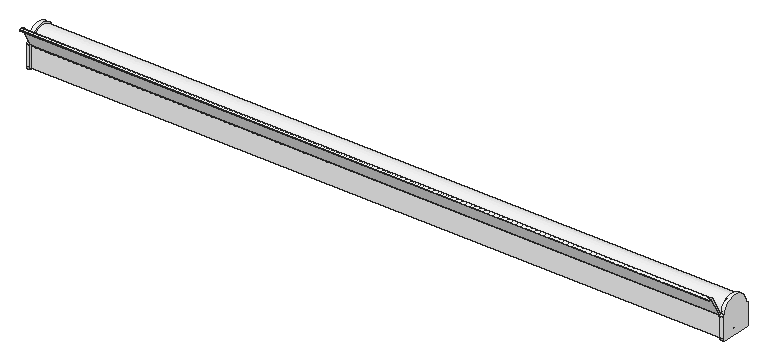
Revit family "0045193+0045236 Feilo Sylvania Lighting Fixture SYLBATTEN LED8 NW DALI TP5 with ASYMMETRIC REFLECTOR ACCESSORY 1500MM", category Lighting Fixtures, host Face, Revit 2017
Family settings
  Host = Face
  Round Connector Dimension = Use Diameter
  Part Type = Normal
  OmniClass Number = 23.80.70.00
  OmniClass Title = Lighting
  Cut with Voids When Loaded = No
  Light Source = Yes
  Shared = No
  Room Calculation Point = No
Parameters (values of type "0045193 SYLBATTEN LED8 NW DALI TP5")
  Width_FEILO = 66 mm
  Weight = "3.148 kg"
  Wattage Comments = "n/a"
  Wattage = 79 W
  WarrantyStartDate [instance] = "n/a"
  WarrantyGuarantorParts = "n/a"
  WarrantyDurationUnit = "n/a"
  WarrantyDurationParts = "n/a"
  WarrantyDescription = "n/a"
  built-in parameter 1150110 = 1 (stored number, unit not read)
  Voltage = 230 V
  URL = "http://www.sylvania-lighting.com"
  TypeName = "SYLBATTEN LED8 NW DALI TP5"
  Type Image = <None>
  Type Comments = "n/a"
  built-in parameter 1114217 = 1 (stored number, unit not read)
  Tilt Angle = -90.00°
  built-in parameter 1150109 = 1 (stored number, unit not read)
  built-in parameter 1150134 = 12
  SymReflector_FEILO = no
  built-in parameter 1150113 = 1 (stored number, unit not read)
  SerialNumber [instance] = "n/a"
  PowerFactor = 0
  PowerConsumption = "79 W"
  Photometric Web File = "0045193+0045236.ies"
  NominalLength = 1505 mm
  NominalHeight = 76 mm
  NominalDepth = 66 mm
  Name = "SYLBATTEN LED8 NW DALI TP5"
  ModelReference = Name  # "SYLBATTEN LED8 NW DALI TP5"
  ModelNumber = "0045193"
  Model = Name  # "SYLBATTEN LED8 NW DALI TP5"
  Material_4_FEILO = Reflector-Sylvania-Sylbatten-White
  Material_3_FEILO = Diffuser-Sylvania-Sylbatten-Glow
  Material_2_FEILO = Body-Sylvania-Sylbatten-White
  Material_1_FEILO = Body-Sylvania-Sylbatten-White
  Material = "sheet steel housing, polycarbonate diffuser"
  ManufacturerName = "Feilo Sylvania"
  Manufacturer = "Feilo Sylvania"
  LuminousEfficacy = "105.6 lm/W"
  built-in parameter 1150105 = 664.31 (stored number, unit not read)
  Lumens = 8347.93 lm
  LuminaireType = ""
  built-in parameter 1150115 = 1 (stored number, unit not read)
  LightOutputRatio = "100"
  built-in parameter 1150137 = (empty or 0)
  built-in parameter 1150139 = (empty or 0)
  Length_FEILO = 1505 mm
  LampsType = Lamp  # "LED"
  LampNominalLuminous = "8348 lm"
  LampMacAdamStep = "n/a"
  LampColourTemperature = "4000 K"
  LampColourRenderingIndex = "80"
  built-in parameter 1150112 = 1 (stored number, unit not read)
  built-in parameter 1150114 = 1 (stored number, unit not read)
  Lamp = "LED"
  Keynote = "16500"
  InstallationDate [instance] = "n/a"
  InputVoltage = "220-240V~"
  InputNominalFrequency = "n/a"
  built-in parameter 1150132 = (empty or 0)
  built-in parameter 1150102 = (empty or 0)
  built-in parameter 1150107 = 4000 (stored number, unit not read)
  built-in parameter 1150138 = (empty or 0)
  IngressProtection = "IP20"
  ImpactProtectionIndex = "IK07"
  built-in parameter 1150106 = 6.6431 (stored number, unit not read)
  IfcExportType = "IfcLightFixtureType"
  IfcExportAs = "IfcLightFixtureType"
  Height_FEILO = 76 mm
  ExpectedLife = 50000
  Emit from Rectangle Width = Length_FEILO - 16 mm  # 1489 mm
  Emit from Rectangle Length = Width_FEILO - 40 mm  # 26 mm
  Emit Shape Visible in Rendering = no
  ElectricShockClassification = "Class I"
  built-in parameter 1150104 = 9.8171 (stored number, unit not read)
  DurationUnit = "hours"
  DocumentationLiterature = "http://www.sylvania-lighting.com/product/en-int/products/0045193"
  DimmingControlOptions = "Dimmable"
  Dimming Lamp Color Temperature Shift = <None>
  Description = "LED batten, T8 replacement, ease of installation through 2 part push-in design of the housing (safety cable included), through wiring capability (TP5 = 5 core), sheet steel, 8348LM, 79W, 106lm/W, 4000K, drive current: 450mA, CRI 80, 138° wide beam angle, DALI dimmable, IP20, IK07, 50,000 hrs (L70), (LxWxH) 1505x66x76mm, 5 step MacAdam ellipse, 3.7kg, white RAL 9016, Class 1, 220-240V, energy class: A++, A+, A."
  Default Elevation = 1219.2 mm
  CreatedOn = "2/22/2018"
  CreatedBy = ""
  Cost = 0
  Color Filter = 16777215
  built-in parameter 1114216 [instance] = (empty or 0)
  ClassificationValue = "EF_70_80"
  ClassificationName = "Uniclass2015"
  CapOffset_FEILO = 2 mm
  BarCode [instance] = "n/a"
  built-in parameter 1114218 = 1 (stored number, unit not read)
  BackReflector_FEILO = and(not(AsymReflector_FEILO), SymReflector_FEILO)  # no
  built-in parameter 1150133 = 10 (stored number, unit not read)
  FrontReflector_FEILO = or(AsymReflector_FEILO, SymReflector_FEILO)  # yes
  AsymReflector_FEILO = yes
  AssetType = "Fixed"
  AssetIdentifier [instance] = "n/a"
  Assembly Code = "D5020200"
  Apparent Load = 79 VA
Reference planes
  plane 1 "Center (Front/Back)": y = 0
  plane 2: z = 0
  plane 3 "Center (Left/Right)": x = 0
  plane 4: x = 752.5
  plane 5: x = -752.5
  plane 6: y = 33
  plane 7: y = -33
  plane 8: z = 76
  plane 9: z = 47
  plane 10: y = -29
  plane 11: y = 29
  plane 12: z = 20
  plane 13: z = 74
  plane 14: y = -31
  plane 15: y = -27
  plane 16: y = 27
  plane 17: y = 31
  plane 18: z = 2
  plane 19: x = -744.5
  plane 20: x = 744.5
  plane 21: z = 49
  plane 22: y = 1
  plane 23: y = -1
  plane 24: z = 21
  plane 25: z = 19
  plane 26: y = -61
  plane 27: y = 61
  plane 28: y = -56
  plane 29: y = 56
  plane 30: z = 91
  plane 31: z = 88
Forms (mm)
  Extrusion 1, solid, material "Body-Sylvania-Sylbatten-White" <- "Material_2_FEILO"
    sketch origin (0, 0, 0) x (0, 1, 0) y (0, 0, 1)
      loop
        line (-31, 2) -> (31, 2) -> (31, 45)
        arc (31, 45) -> (30.414, 46.414) -> (29, 47) r 2
        line (29, 47) -> (27, 47)
        arc (27, 47) -> (0, 74) -> (-27, 47) r 27
        line (-27, 47) -> (-29, 47)
        arc (-29, 47) -> (-30.414, 46.414) -> (-31, 45) r 2
        line (-31, 45) -> (-31, 2)
    from -744.5 to 744.5
  Extrusion 2, solid, material "Body-Sylvania-Sylbatten-White" <- "Material_2_FEILO"
    sketch origin (752.5, 1524, 1219.2) x (0, 1, 0) y (0, 0, 1)
      loop
        arc (-1494, -1219.2) -> (-1491.879, -1218.321) -> (-1491, -1216.2) r 3
        line (-1491, -1216.2) -> (-1491, -1173.2)
        arc (-1491, -1173.2) -> (-1491.879, -1171.079) -> (-1494, -1170.2) r 3
        line (-1494, -1170.2) -> (-1495.069, -1170.2)
        arc (-1495.069, -1170.2) -> (-1524, -1143.2) -> (-1552.931, -1170.2) r 29
        line (-1552.931, -1170.2) -> (-1554, -1170.2)
        arc (-1554, -1170.2) -> (-1556.121, -1171.079) -> (-1557, -1173.2) r 3
        line (-1557, -1173.2) -> (-1557, -1216.2)
        arc (-1557, -1216.2) -> (-1556.121, -1218.321) -> (-1554, -1219.2) r 3
        line (-1554, -1219.2) -> (-1494, -1219.2)
      loop
        arc (-1525, -1189.25) -> (-1531.071, -1192.129) -> (-1533.95, -1198.2) r 10
        line (-1533.95, -1198.2) -> (-1532.944, -1198.2)
        arc (-1532.944, -1198.2) -> (-1530.364, -1192.836) -> (-1525, -1190.256) r 9
        line (-1525, -1190.256) -> (-1525, -1189.25)
      loop
        arc (-1523, -1190.256) -> (-1517.636, -1192.836) -> (-1515.056, -1198.2) r 9
        line (-1515.056, -1198.2) -> (-1514.05, -1198.2)
        arc (-1514.05, -1198.2) -> (-1516.929, -1192.129) -> (-1523, -1189.25) r 10
        line (-1523, -1189.25) -> (-1523, -1190.256)
      loop
        line (-1532.944, -1200.2) -> (-1533.95, -1200.2)
        arc (-1533.95, -1200.2) -> (-1531.071, -1206.271) -> (-1525, -1209.15) r 10
        line (-1525, -1209.15) -> (-1525, -1208.144)
        arc (-1525, -1208.144) -> (-1530.364, -1205.564) -> (-1532.944, -1200.2) r 9
      loop
        arc (-1515.056, -1200.2) -> (-1517.636, -1205.564) -> (-1523, -1208.144) r 9
        line (-1523, -1208.144) -> (-1523, -1209.15)
        arc (-1523, -1209.15) -> (-1516.929, -1206.271) -> (-1514.05, -1200.2) r 10
        line (-1514.05, -1200.2) -> (-1515.056, -1200.2)
    from 0 to -8
  Extrusion 3, solid, material "Body-Sylvania-Sylbatten-White" <- "Material_2_FEILO"
    sketch origin (-752.5, 1524, 1219.2) x (0, 1, 0) y (0, 0, 1)
      loop
        arc (-1495.069, -1170.2) -> (-1524, -1143.2) -> (-1552.931, -1170.2) r 29
        line (-1552.931, -1170.2) -> (-1554, -1170.2)
        arc (-1554, -1170.2) -> (-1556.121, -1171.079) -> (-1557, -1173.2) r 3
        line (-1557, -1173.2) -> (-1557, -1216.2)
        arc (-1557, -1216.2) -> (-1556.121, -1218.321) -> (-1554, -1219.2) r 3
        line (-1554, -1219.2) -> (-1494, -1219.2)
        arc (-1494, -1219.2) -> (-1491.879, -1218.321) -> (-1491, -1216.2) r 3
        line (-1491, -1216.2) -> (-1491, -1173.2)
        arc (-1491, -1173.2) -> (-1491.879, -1171.079) -> (-1494, -1170.2) r 3
        line (-1494, -1170.2) -> (-1495.069, -1170.2)
      loop
        line (-1533.95, -1198.2) -> (-1532.944, -1198.2)
        arc (-1532.944, -1198.2) -> (-1530.364, -1192.836) -> (-1525, -1190.256) r 9
        line (-1525, -1190.256) -> (-1525, -1189.25)
        arc (-1525, -1189.25) -> (-1531.071, -1192.129) -> (-1533.95, -1198.2) r 10
      loop
        line (-1523, -1189.25) -> (-1523, -1190.256)
        arc (-1523, -1190.256) -> (-1517.636, -1192.836) -> (-1515.056, -1198.2) r 9
        line (-1515.056, -1198.2) -> (-1514.05, -1198.2)
        arc (-1514.05, -1198.2) -> (-1516.929, -1192.129) -> (-1523, -1189.25) r 10
      loop
        line (-1514.05, -1200.2) -> (-1515.056, -1200.2)
        arc (-1515.056, -1200.2) -> (-1517.636, -1205.564) -> (-1523, -1208.144) r 9
        line (-1523, -1208.144) -> (-1523, -1209.15)
        arc (-1523, -1209.15) -> (-1516.929, -1206.271) -> (-1514.05, -1200.2) r 10
      loop
        line (-1525, -1209.15) -> (-1525, -1208.144)
        arc (-1525, -1208.144) -> (-1530.364, -1205.564) -> (-1532.944, -1200.2) r 9
        line (-1532.944, -1200.2) -> (-1533.95, -1200.2)
        arc (-1533.95, -1200.2) -> (-1531.071, -1206.271) -> (-1525, -1209.15) r 10
    from 0 to 8
  Extrusion 4, solid, material "Reflector-Sylvania-Sylbatten-White" <- "Material_4_FEILO", visible <- "FrontReflector_FEILO"
    sketch origin (0, 0, 0) x (0, 1, 0) y (0, 0, 1)
      loop
        line (-61.257, 88.429) -> (-60.743, 87.571) -> (-56.621, 90.044)
        arc (-56.621, 90.044) -> (-56.237, 90.099) -> (-55.929, 89.863) r 0.5
        line (-55.929, 89.863) -> (-31.435, 46.753) -> (-30.565, 47.247) -> (-55.312, 90.802)
        arc (-55.312, 90.802) -> (-55.928, 91.275) -> (-56.696, 91.165) r 1
        line (-56.696, 91.165) -> (-61.257, 88.429)
    from -744.5 to 744.5
  Extrusion 5, solid, material "Reflector-Sylvania-Sylbatten-White" <- "Material_4_FEILO", visible <- "BackReflector_FEILO"
    sketch origin (0, 0, 0) x (0, 1, 0) y (0, 0, 1)
      loop
        line (30.565, 47.247) -> (31.435, 46.753) -> (55.932, 89.868)
        arc (55.932, 89.868) -> (56.245, 90.112) -> (56.638, 90.062) r 0.518
        line (56.638, 90.062) -> (61.033, 87.565) -> (61.527, 88.435) -> (56.682, 91.188)
        arc (56.682, 91.188) -> (55.922, 91.282) -> (55.318, 90.812) r 1
        line (55.318, 90.812) -> (30.565, 47.247)
    from -744.5 to 744.5
Lines and regions (mm)
  reference lines
    curve 1: line (0, -61, 88) -> (0, -56, 91)
    curve 2: line (0, -56, 91) -> (0, -31, 47)
    curve 3: line (0, 31, 47) -> (0, 56, 91)
    curve 4: line (0, 56, 91) -> (0, 61.28, 88)
Dimensions and locks
  equal spacing: plane 5, plane 3 "Center (Left/Right)", plane 4
  equal spacing: plane 7, plane 1 "Center (Front/Back)", plane 6
  "Width_FEILO": plane 7 to plane 6
  "Length_FEILO": plane 5 to plane 4
  "Height_FEILO": plane 8 to plane 2
  locked: plane 9 to plane 8 at 29
  equal spacing: plane 10, plane 1 "Center (Front/Back)", plane 11
  locked: plane 7 to plane 10 at 4
  locked: plane 12 to plane 2 at 20
  "CapOffset_FEILO": plane 13 to plane 8
  "CapOffset_FEILO": plane 7 to plane 14
  "CapOffset_FEILO": plane 10 to plane 15
  "CapOffset_FEILO": plane 17 to plane 6
  "CapOffset_FEILO": plane 16 to plane 11
  "CapOffset_FEILO": plane 18 to plane 2
  locked: plane 14 to Extrusion 1 sketch curve at 2
  locked: Extrusion 1 sketch curve to plane 9 at 2  (x2)
  locked: plane 16 to Extrusion 1 sketch curve at 2
  equal spacing: plane 19, plane 3 "Center (Left/Right)", plane 20
  locked: plane 5 to plane 19 at 8
  "CapOffset_FEILO": plane 9 to plane 21
  locked: Extrusion 2 sketch curve to plane 2 at 47
  locked: Extrusion 1 sketch curve to plane 2 at 47
  locked: Extrusion 2 sketch curve to plane 2 at 3  (x2)
  locked: plane 7 to Extrusion 2 sketch curve at 3  (x2)
  locked: Extrusion 2 sketch curve to plane 6 at 3  (x2)
  locked: Extrusion 2 sketch curve to plane 21 at 3  (x2)
  equal spacing: plane 23, plane 1 "Center (Front/Back)", plane 22
  equal spacing: plane 25, plane 12, plane 24
  plane 30 to plane 31 to plane 2 = 3 mm locked, 88 mm locked
  plane 28 to plane 29 = 112 mm
  plane 26 to plane 27 = 122 mm
  aligned and locked: plane 2 to host face
  aligned and locked: level to host face
  aligned and locked: plane 18 to Extrusion 1 sketch curve
  aligned and locked: plane 14 to Extrusion 1 sketch curve
  aligned and locked: Extrusion 1 sketch curve to plane 9  (x2)
  aligned and locked: Extrusion 1 sketch curve to plane 17
  aligned and locked: plane 15 to Extrusion 1 sketch curve
  aligned and locked: plane 16 to Extrusion 1 sketch curve
  aligned and locked: plane 9 to Extrusion 1 sketch curve
  aligned and locked: plane 20 to Extrusion 1
  aligned and locked: level to Extrusion 2 sketch curve
  aligned and locked: Extrusion 2 sketch curve to plane 7
  aligned and locked: plane 21 to Extrusion 2 sketch curve
  aligned and locked: Extrusion 2 sketch curve to plane 21
  aligned and locked: plane 1 "Center (Front/Back)" to Extrusion 2 sketch curve  (x3)
  aligned and locked: Extrusion 2 to Extrusion 1
  aligned and locked: plane 4 to Extrusion 2
  aligned and locked: plane 12 to Extrusion 2 sketch curve  (x2)
  aligned and locked: Extrusion 2 sketch curve to plane 22
  aligned and locked: Extrusion 2 sketch curve to plane 23
  aligned and locked: Extrusion 2 sketch curve to plane 24
  aligned and locked: Extrusion 2 sketch curve to plane 25
  aligned and locked: plane 25 to Extrusion 2 sketch curve
  aligned and locked: plane 22 to Extrusion 2 sketch curve
  aligned and locked: plane 24 to Extrusion 2 sketch curve
  aligned and locked: plane 23 to Extrusion 2 sketch curve  (x2)
  aligned and locked: Extrusion 3 sketch curve to Extrusion 2  (x22)
  aligned and locked: Extrusion 3 to Extrusion 1
  aligned and locked: Extrusion 3 to plane 5
  aligned and locked: plane 19 to Extrusion 3
  aligned and locked: plane 31 to curve 1
  aligned and locked: plane 30 to curve 1
  aligned and locked: plane 14 to curve 2
  aligned and locked: plane 9 to curve 2
  aligned and locked: plane 17 to curve 3
  aligned and locked: plane 30 to curve 3
  aligned and locked: plane 31 to curve 4
  aligned and locked: Extrusion 4 sketch curve to curve 2
  aligned and locked: Extrusion 4 sketch curve to curve 1
  aligned and locked: Extrusion 4 to Extrusion 1
  aligned and locked: Extrusion 1 to Extrusion 4
  aligned and locked: imposter light to plane 1 "Center (Front/Back)"
  aligned and locked: imposter light to plane 3 "Center (Left/Right)"
  aligned and locked: imposter light to plane 13
  aligned and locked: Extrusion 5 sketch curve to curve 4
  aligned and locked: Extrusion 5 sketch curve to curve 3
  aligned and locked: Extrusion 1 to Extrusion 5
  aligned and locked: Extrusion 5 to Extrusion 1
Automatic sketch dimensions
  host sketch curve to host sketch curve = 2438.4 mm  (x2)
  Extrusion 2 sketch curve to Extrusion 2 sketch curve = 0 mm  (x14)
  Extrusion 2 sketch curve to plane 10 = 0.069 mm
  plane 23 to Extrusion 2 sketch curve = 8.95 mm
  Extrusion 2 sketch curve to Extrusion 2 sketch curve = 1.006 mm  (x4)
  Extrusion 2 sketch curve to plane 22 = 7.944 mm
  curve 1 to plane 26 = 0 mm
  curve 2 to plane 28 = 0 mm
  curve 4 to plane 29 = 0 mm
  plane 9 to curve 3 = 0 mm
  plane 26 to Extrusion 4 sketch curve = 0.257 mm
  Extrusion 4 sketch curve to plane 26 = 0.257 mm
  Extrusion 4 sketch curve to plane 30 = 0.165 mm
  plane 28 to Extrusion 4 sketch curve = 0.696 mm
  plane 28 to Extrusion 4 sketch curve = 0.621 mm
  plane 28 to Extrusion 4 sketch curve = 0.364 mm
  plane 28 to Extrusion 4 sketch curve = 0.182 mm
  Extrusion 4 sketch curve to plane 28 = 0.071 mm
  plane 30 to Extrusion 4 sketch curve = 0.198 mm
  Extrusion 4 sketch curve to plane 28 = 0.688 mm
  plane 9 to Extrusion 4 sketch curve = 0.247 mm
  plane 1 "Center (Front/Back)" to Extrusion 4 sketch curve = 31.435 mm
  Extrusion 5 sketch curve to plane 9 = 0.247 mm
  Extrusion 5 sketch curve to plane 1 "Center (Front/Back)" = 30.565 mm
  plane 9 to Extrusion 5 sketch curve = 0.247 mm
  plane 30 to Extrusion 5 sketch curve = 0.188 mm
  plane 29 to Extrusion 5 sketch curve = 0.068 mm
  Extrusion 5 sketch curve to plane 29 = 0.188 mm
  Extrusion 5 sketch curve to plane 29 = 0.382 mm
  Extrusion 5 sketch curve to Extrusion 5 sketch curve = 0.256 mm
  Extrusion 5 sketch curve to plane 30 = 0.188 mm
  Extrusion 5 sketch curve to plane 29 = 0.682 mm
  Extrusion 5 sketch curve to plane 27 = 0.033 mm
  Extrusion 5 sketch curve to plane 27 = 0.527 mm
Connectors
  electrical at (0, 0, 0), driven by "Apparent Load", driven by "PowerFactor", driven by "Voltage"
    settings: index 1, voltage 230 V, apparent load 79 VA, apparent load phase1 0 VA, apparent load phase2 0 VA, apparent load phase3 0 VA, power factor 0, load classification "Lighting", number of poles 1, system type 30, power factor state 1, is connector primary yes, connector utility no, sub classification motor no, connector description ""
